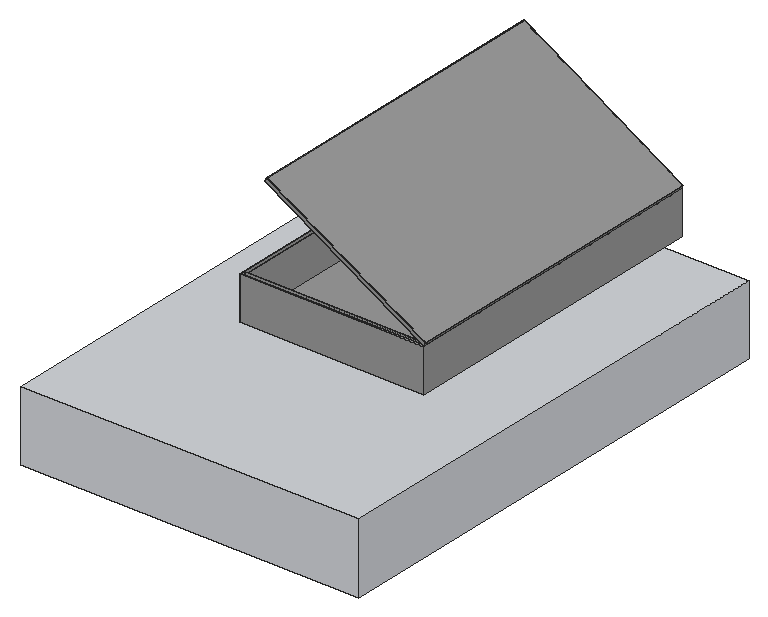
Revit family "Hager-Univers-IP54-D205-H1400-Cl.I-Encl-CH-en", category Equipement électrique, Revit 2020
Family settings
  Hôte = Face
  Configuration du panneau = Deux colonnes, circuits au sein
  Cote de connecteur circulaire = Utiliser le diamètre
  Type d'élément = Tableau de raccordement
  Couper avec des vides une fois chargée = Non
  Partagée = Non
  Point de calcul de pièce = Non
Parameters (values of type "Surface mounted (plaster) IP54 W800 H1400 D205  - FP93TW2")
  Width Control [instance] = if([EF000008 - Width] > Min Width, [EF000008 - Width], Min Width)  # 800 mm
  Commentaires du type = [HG000003 - Range]  # "Univers"
  Thickness Door [instance] = if([EF009171 - Material plate thickness door/cover] > 3 mm, 3 mm, [EF009171 - Material plate thickness door/cover])  # 1 mm
  Seal Frame Offset [instance] = 17 mm  # constant formula
  Plinth Visibility [instance] = [HG000027 - Plinth height] > 0 mm  # no
  Model = ""
  Min Width [instance] = 100 mm  # constant formula
  Min Height [instance] = 100 mm  # constant formula
  Min Depth [instance] = (2 * [EF009170 - Material plate thickness cabinet]) + 1 mm  # 3 mm
  Internal Frame Depth [instance] = (Door System Depth * 0.5)  # 9 mm
  Height Control [instance] = if([EF000040 - Height] > Min Height, [EF000040 - Height], Min Height)  # 1400 mm
  HG000027 - Plinth height = 0 mm
  HG000026 - Floor standing = no
  HG000024 - Bottom section height = 800 mm
  HG000023 - Double section enclosure = no
  HG000016 - Door 3d visibility [instance] = yes
  HG000015 - Clearance visibility [instance] = no
  HG000014 - Door on the right [instance] = yes
  HG000013 - Door on the left [instance] = not([HG000014 - Door on the right])  # no
  HG000012 - Door swing angle [instance] = 30.00°
  HG000010 - Asymmetric doors = no
  HG000009 - Double swing door = no
  HG000006 - Flush mounted = no
  HG000004 - Manufacturer reference = "FP93TW2"
  HG000003 - Range = "Univers"
  HG000002 - With door or cover = yes
  Frame Offset Bottom [instance] = 10 mm  # constant formula
  Frame Offset [instance] = 15 mm  # constant formula
  EF015940 - Cover with overpressure release = no
  EF011959 - Degree of protection (NEMA) = ""
  EF009554 - Number of openings for flange plates = 6
  EF009212 - Cover model = "EV000116 - Closed"
  EF009171 - Material plate thickness door/cover = 1 mm
  EF009170 - Material plate thickness cabinet = 1 mm
  Fabricant = "Hager"  # constant formula
  EF008873 - Nominal current (In) = 250 A
  EF007800 - Suitable for lightning protection = no
  EF006306 - With lock = no
  EF006244 - Transparent cover/door = no
  EF005474 - Degree of protection (IP) = "EV006419 - IP54"
  EF004464 - Type of door = "EV002646 - Single"
  EF004427 - Number of modules = 324
  EF004293 - Impact strength = "EV006815 - IK09"
  EF003532 - Suitable for outdoor use = no
  EF002950 - Width in number of modular spacings = 36
  EF001613 - Circuit integrity = "EV000494 - None"
  EF001596 - Material housing = "EV000179 - Steel"
  EF001131 - Internal depth = 130 mm
  EF001088 - Extension possible = yes
  EF000437 - Number of conduit inlets = 6
  EF000339 - Type of cover = "EV001012 - Cover"
  EF000266 - Number of rows = 9
  EF000218 - Built-in depth = 205 mm
  EF000118 - With mounting plate = no
  EF000116 - RAL-number = "9010"
  EF000049 - Depth = 205 mm
  EF000040 - Height = 1400 mm
  EF000008 - Width = 800 mm
  EF000007 - Colour = "EV000202 - White"
  EF000003 - Mounting method = "EV000384 - Surface mounted (plaster)"
  Door System Leaf Tolerance [instance] = 1.5 mm  # constant formula
  Door System Depth [instance] = 18 mm  # constant formula
  Door Height [instance] = Height Control - [HG000027 - Plinth height]  # 1400 mm
  Depth Control [instance] = if([EF000049 - Depth] > Min Depth, [EF000049 - Depth], Min Depth)  # 205 mm
  Default Elevation = 0 mm
  Connector Offset [instance] = Height Control / 2  # 700 mm
  Bottom Top Plate Trim [instance] = 1.5 mm  # constant formula
  Plinth height Ctrl [instance] = if([HG000027 - Plinth height] > 0 mm, [HG000027 - Plinth height], 12 mm)  # 12 mm
Types (5, lengths in mm): name | Width Control | HG000009 - Double swing door | HG000004 - Manufacturer reference | EF009554 - Number of openings for flange plates | EF004464 - Type of door | EF004427 - Number of modules | EF002950 - Width in number of modular spacings | EF000437 - Number of conduit inlets | EF000008 - Width
  Surface mounted (plaster) IP54 W1050 H1400 D205  - FP94TW2 | 1050 | no | "FP94TW2" | 8 | "EV003602 - Double" | 432 | 48 | 8 | 1050
  Surface mounted (plaster) IP54 W1300 H1400 D205  - FP95TW2 | 1300 | yes | "FP95TW2" | 10 | "EV003602 - Double" | 540 | 60 | 10 | 1300
  Surface mounted (plaster) IP54 W300 H1400 D205  - FP91TW2 | 300 | no | "FP91TW2" | 2 | "EV002646 - Single" | 108 | 12 | 2 | 300
  Surface mounted (plaster) IP54 W550 H1400 D205  - FP92TW2 | 550 | no | "FP92TW2" | 4 | "EV002646 - Single" | 216 | 24 | 4 | 550
  Surface mounted (plaster) IP54 W800 H1400 D205  - FP93TW2 | 800 | no | "FP93TW2" | 6 | "EV002646 - Single" | 324 | 36 | 6 | 800
Reference planes
  plane 1 "Center (Front/Back)": y = 0
  plane 2: z = 0
  plane 3 "Center (Left/Right)": x = 0
  plane 4: z = 205
  plane 5: y = 1
  plane 6: y = 700
  plane 7: y = 0
  plane 8: y = 1400
  plane 9: z = 0
  plane 10: x = -385
  plane 11: x = 385
  plane 12: x = 384
  plane 13: x = -384
  plane 14: y = 1399
  plane 15: x = -383
  plane 16: x = -400
  plane 17: x = 383
  plane 18: x = 400
  plane 19: x = 399
  plane 20: x = -399
  plane 21: y = 11
  plane 22: y = 1400
  plane 23: y = 1384
  plane 24: z = 187
  plane 25: z = 1
  plane 26: z = 186
  plane 27: z = 204
Forms (mm)
  Extrusion 1, solid
    sketch origin (0, 0, 0) x (1, 0, 0) y (0, 1, 0)
      loop
        line (-702.964, 1305) -> (-702.964, -811.445) -> (766.763, -811.445) -> (766.763, 1305) -> (-702.964, 1305)
    from 0 to -304.8
  Extrusion 2, solid, material "Hager_Steel_RAL7035_Light_Grey", visible <- "Plinth Visibility", detail levels medium+fine
    sketch origin (0, 0, 0) x (1, 0, 0) y (0, 1, 0)
      loop
        line (-400, 0) -> (400, 0) -> (400, 12) -> (-400, 12) -> (-400, 0)
    from 0 to 187
  Extrusion 3, solid, material "Hager_Steel_RAL7035_Light_Grey", detail levels medium+fine
    sketch origin (0, 0, 0) x (1, 0, 0) y (0, 1, 0)
      loop
        line (-400, 0) -> (400, 0) -> (400, 1400) -> (-400, 1400) -> (-400, 0)
    from 0 to 187
  Extrusion 4, void
    sketch origin (0, 0, 0) x (1, 0, 0) y (0, 1, 0)
      loop
        line (-399, 1) -> (399, 1) -> (399, 1399) -> (-399, 1399) -> (-399, 1)
    from 1 to 186
  Extrusion 5, void
    sketch origin (-381.607, -4572, 187) x (0, -1, 0) y (-1, 0, 0)
      loop
        line (-4583, 2.393) -> (-5956, 2.393) -> (-5956, -765.607) -> (-4583, -765.607) -> (-4583, 2.393)
    from 0 to 1 <- "EF009170 - Material plate thickness cabinet"
  Extrusion 6, solid, material "Hager_Steel_RAL7035_Light_Grey", detail levels fine
    sketch origin (0, 0, 187) x (1, 0, 0) y (0, 1, 0)
      loop
        line (-384, 1384) -> (-384, 11) -> (384, 11) -> (384, 1384) -> (-384, 1384)
      loop
        line (-385, 10) -> (385, 10) -> (385, 1385) -> (-385, 1385) -> (-385, 10)
    from 0 to 9 <- "Internal Frame Depth"
  Extrusion 7, solid, material "Hager_Steel_RAL7035_Light_Grey", detail levels coarse
    sketch origin (0, 0, 0) x (1, 0, 0) y (0, 1, 0)
      loop
        line (-400, 0) -> (400, 0) -> (400, 1400) -> (-400, 1400) -> (-400, 0)
    from 0 to 205
  Sweep 8, void
    path in 3D
      loop
        line (-400, 12, 0) -> (400, 12, 0) -> (400, 12, 187) -> (-400, 12, 187) -> (-400, 12, 0)
    profile origin (-400, 12, 93.5) x (-1, 0, 0) y (0, -1, 0)
      loop
        line (0, 0) -> (0, 1.5) -> (-1.5, 1.5)
        arc (-1.5, 1.5) -> (-1.061, 0.439) -> (0, 0) r 1.5
Cuts and joins
  Extrusion 4, Extrusion 5 cuts Extrusion 3
  Sweep 8 cuts Extrusion 2
Lines and regions (mm)
  Masking region 1
    outline origin (0, 0, 0) x (1, 0, 0) y (0, 0, 1)
      loop
        line (-400, 205) -> (-400, 0) -> (400, 0) -> (400, 205) -> (-400, 205)
  Masking region 2, detail levels medium+fine
    outline origin (0, 140, 0) x (0, 1, 0) y (0, 0, 1)
      loop
        line (-140, 0) -> (1260, 0) -> (1260, 187) -> (-140, 187) -> (-140, 0)
  Masking region 3, not visible, detail levels medium+fine
    outline origin (0, 297.922, 0) x (0, 1, 0) y (0, 0, 1)
      loop
        line (413.578, 0) -> (453.578, 0) -> (453.578, 194)
        arc (453.578, 194) -> (450.649, 201.071) -> (443.578, 204) r 10
        line (443.578, 204) -> (413.578, 204) -> (413.578, 0)
  Masking region 4, detail levels coarse
    outline origin (0, 0, 180) x (0, 1, 0) y (0, 0, 1)
      loop
        line (0, -180) -> (1400, -180) -> (1400, 25) -> (0, 25) -> (0, -180)
  Masking region 5, visible <- "Plinth Visibility", detail levels medium+fine
    outline origin (0, 52.24, 12.345) x (0, 0, -1) y (0, 1, 0)
      loop
        line (10.845, -40.24) -> (-173.155, -40.24)
        arc (-173.155, -40.24) -> (-173.594, -41.301) -> (-174.655, -41.74) r 1.5
        line (-174.655, -41.74) -> (-174.655, -52.24) -> (12.345, -52.24) -> (12.345, -41.74)
        arc (12.345, -41.74) -> (11.285, -41.301) -> (10.845, -40.24) r 1.5
  Masking region 6, detail levels medium+fine
    outline origin (-381.607, -4572, 187) x (-1, 0, 0) y (0, -1, 0)
      loop
        line (18.393, -5972) -> (18.393, -4572) -> (-781.607, -4572) -> (-781.607, -5972) -> (18.393, -5972)
  Masking region 7, visible <- "Plinth Visibility", detail levels medium+fine
    outline origin (-381.607, -4727, 187) x (-1, 0, 0) y (0, -1, 0)
      loop
        arc (16.893, -4739) -> (17.332, -4737.939) -> (18.393, -4737.5) r 1.5
        line (18.393, -4737.5) -> (18.393, -4727) -> (-781.607, -4727) -> (-781.607, -4737.5)
        arc (-781.607, -4737.5) -> (-780.546, -4737.939) -> (-780.107, -4739) r 1.5
        line (-780.107, -4739) -> (16.893, -4739)
  Masking region 8, detail levels coarse
    outline origin (-442.548, -4669.526, 187) x (-1, 0, 0) y (0, -1, 0)
      loop
        line (-42.548, -6069.526) -> (-42.548, -4669.526) -> (-842.548, -4669.526) -> (-842.548, -6069.526) -> (-42.548, -6069.526)
  sketch lines
    curve 1: line (-400, 12, 187) -> (-400, 12, 0)
    curve 2: line (400, 12, 187) -> (-400, 12, 187)
    curve 3: line (400, 12, 187) -> (400, 12, 0)
    curve 4: line (-400, 12, 0) -> (400, 12, 0)
Dimensions and locks
  "Depth Control": plane 4 to Extrusion 1
  "HG000027 - Plinth height": plane 1 "Center (Front/Back)" to plane 7
  "EF009170 - Material plate thickness cabinet": plane 5 to plane 7
  locked: connector elem to plane 3 "Center (Left/Right)"
  equal spacing: plane 8, plane 6, plane 7
  locked: connector elem to plane 6
  "EF009170 - Material plate thickness cabinet": plane 8 to plane 14
  "EF009170 - Material plate thickness cabinet": plane 10 to plane 13
  "EF009170 - Material plate thickness cabinet": plane 12 to plane 11
  "Frame Offset": plane 20 to plane 13
  "Frame Offset": plane 12 to plane 19
  "EF009170 - Material plate thickness cabinet": plane 16 to plane 20
  "EF009170 - Material plate thickness cabinet": plane 19 to plane 18
  "Seal Frame Offset": plane 16 to plane 15
  "Seal Frame Offset": plane 17 to plane 18
  "Frame Offset Bottom": plane 21 to plane 5
  "Frame Offset": plane 14 to plane 23
  equal spacing: plane 16, plane 3 "Center (Left/Right)", plane 18
  "Width Control": plane 16 to plane 18
  "EF009170 - Material plate thickness cabinet": plane 4 to plane 27
  "EF009170 - Material plate thickness cabinet": plane 24 to plane 26
  "EF009170 - Material plate thickness cabinet": plane 25 to level
  "Door System Depth": plane 4 to plane 24
  "Height Control": plane 1 "Center (Front/Back)" to Extrusion 7 sketch curve
  "Height Control": Masking region 4 sketch curve to plane 1 "Center (Front/Back)"
  "Height Control": plane 1 "Center (Front/Back)" to plane 22
  "Bottom Top Plate Trim": profile plane to Sweep 8 sketch curve
  "Bottom Top Plate Trim": Sweep 8 sketch curve to profile plane
  "Plinth height Ctrl": plane 1 "Center (Front/Back)" to Extrusion 2 sketch curve
  "Plinth height Ctrl": Masking region 5 sketch curve to plane 1 "Center (Front/Back)"
  "Plinth height Ctrl": plane 1 "Center (Front/Back)" to Masking region 7 sketch curve
  "Thickness Door": Extrusion 6 sketch curve to Extrusion 6 sketch curve  (x3)
  "Thickness Door": cut or joined group of Extrusion 3, Extrusion 4, Extrusion 5 to Extrusion 6 sketch curve
  radius of Masking region 3 sketch curve = 10 mm
  "Bottom Top Plate Trim": radius of Masking region 5 sketch curve  (x2)
  "Bottom Top Plate Trim": radius of Sweep 8 sketch curve
  "Bottom Top Plate Trim": radius of Masking region 7 sketch curve  (x2)
  aligned and locked: plane 2 to Extrusion 1
  aligned and locked: level to Extrusion 1
  aligned and locked: level to Masking region 1 sketch curve
  aligned and locked: Masking region 1 sketch curve to plane 18
  aligned and locked: Masking region 1 sketch curve to plane 16
  aligned and locked: plane 7 to Masking region 2 sketch curve
  aligned and locked: level to Masking region 3 sketch curve
  aligned and locked: Masking region 3 sketch curve to plane 27
  aligned and locked: level to Masking region 2 sketch curve
  aligned and locked: plane 1 "Center (Front/Back)" to Extrusion 2 sketch curve
  aligned and locked: Extrusion 3 sketch curve to plane 7
  aligned and locked: plane 16 to Extrusion 3 sketch curve
  aligned and locked: plane 18 to Extrusion 3 sketch curve
  aligned and locked: plane 20 to Extrusion 4 sketch curve
  aligned and locked: plane 19 to Extrusion 4 sketch curve
  aligned and locked: Extrusion 4 sketch curve to plane 5
  aligned and locked: Extrusion 4 to plane 25
  aligned and locked: plane 26 to Extrusion 4
  aligned and locked: plane 24 to Extrusion 3
  aligned and locked: Extrusion 5 sketch curve to plane 21
  aligned and locked: Extrusion 5 sketch curve to plane 13
  aligned and locked: Extrusion 5 sketch curve to plane 12
  aligned and locked: plane 18 to Extrusion 7 sketch curve
  aligned and locked: plane 1 "Center (Front/Back)" to Extrusion 7 sketch curve
  aligned and locked: plane 16 to Extrusion 7 sketch curve
  aligned and locked: plane 4 to Extrusion 7
  aligned and locked: Extrusion 7 to level
  aligned and locked: level to Masking region 4 sketch curve
  aligned and locked: Masking region 4 sketch curve to plane 1 "Center (Front/Back)"
  aligned and locked: Masking region 4 sketch curve to plane 4
  aligned and locked: nested 1 to level
  aligned and locked: nested 1 to plane 16
  aligned and locked: plane 8 to Extrusion 3 sketch curve
  aligned and locked: plane 23 to Extrusion 5 sketch curve
  aligned and locked: plane 14 to Extrusion 4 sketch curve
  aligned and locked: Masking region 2 sketch curve to plane 8
  aligned and locked: level to Masking region 5 sketch curve
  aligned and locked: plane 16 to Extrusion 2 sketch curve
  aligned and locked: plane 18 to Extrusion 2 sketch curve
  aligned and locked: Masking region 5 sketch curve to plane 24
  aligned and locked: Masking region 2 sketch curve to plane 24
  aligned and locked: plane 24 to Extrusion 2
  aligned and locked: profile plane to Sweep 8 sketch curve  (x2)
  aligned and locked: Masking region 6 sketch curve to plane 18
  aligned and locked: Masking region 6 sketch curve to plane 22
  aligned and locked: Masking region 6 sketch curve to plane 16
  aligned and locked: plane 8 to plane 22
  aligned and locked: Masking region 6 sketch curve to plane 7
  aligned and locked: Masking region 7 sketch curve to plane 16
  aligned and locked: Masking region 7 sketch curve to plane 1 "Center (Front/Back)"
  aligned and locked: Masking region 7 sketch curve to plane 18
  aligned and locked: Masking region 8 sketch curve to plane 1 "Center (Front/Back)"
  aligned and locked: Masking region 8 sketch curve to plane 18
  aligned and locked: Masking region 8 sketch curve to plane 22
  aligned and locked: Masking region 8 sketch curve to plane 16
  aligned and locked: nested 2 to plane 7
  aligned and locked: plane 3 "Center (Left/Right)" to nested 2
  aligned and locked: nested 2 to plane 24
  aligned and locked: Extrusion 6 sketch curve to cut or joined group of Extrusion 3, Extrusion 4, Extrusion 5  (x4)
Automatic sketch dimensions
  Extrusion 1 sketch curve to Extrusion 1 sketch curve = 1469.727 mm
  Extrusion 1 sketch curve to Extrusion 1 sketch curve = 2116.445 mm
  Masking region 1 sketch curve to plane 4 = 0 mm
  plane 6 to Masking region 3 sketch curve = 11.5 mm
  Masking region 3 sketch curve to Masking region 3 sketch curve = 30 mm
  Masking region 5 sketch curve to plane 1 "Center (Front/Back)" = 0 mm
Nested families
  nested 1: "Hager_Enclosure_Symbol" at (-400, 0, 0) x (1, 0, 0) z (0, -1, 0), Height <- "Depth Control", Width <- "Width Control", type "Hager_Enclosure_Symbol"
    with Width_Ctrl 800 mm, Width 800 mm, Height_Ctrl 205 mm, Height 205 mm, A_Width_Int 13.453 mm, A_Width 161.438 mm, A_Height_Ctrl 179.375 mm, A_Height 179.375 mm
  nested 2: "EC000058_Univers_Door" at (0, 0, 187) x (1, 0, 0) z (0, 1, 0), Leaf_Tolerance <- "Door System Leaf Tolerance", Angle <- "HG000012 - Door swing angle", Door_Depth <- "Door System Depth", Door_Left <- "HG000013 - Door on the left", Transparent <- "EF006244 - Transparent cover/door", Assymetrical <- "HG000010 - Asymmetric doors", Width <- "Width Control", Clearance <- "HG000015 - Clearance visibility", Double <- "HG000009 - Double swing door", 3d_Door <- "HG000016 - Door 3d visibility", Lock_Visibility <- "EF006306 - With lock", Width_Ctrl <- "Width Control", Door_Right <- "HG000014 - Door on the right", Door <- "HG000002 - With door or cover", Height <- "Door Height", Thickness <- "Thickness Door", type "EC000058_Univers_Door", detail levels medium+fine
    with min_wh 3 mm, Width_Ctrl 800 mm, Width 800 mm, Transparent no, Thickness 1 mm, Seal_Material Hager_Rubber, Lock_Visibility no, Lock_Material Hager_Plastic_RAL9005_Jet_Black, Leaf_Width 800 mm, Leaf_Tolerance_External_Sides 0 mm, Leaf_Tolerance 1.5 mm, Leaf_Offset 0 mm, Leaf_Height 1397 mm, Leaf_2_Width 800 mm, Leaf_2_Offset 400 mm, Leaf_1_Width 800 mm, Leaf_1_Offset 400 mm, Height_Ctrl 1400 mm, Height 1400 mm, Glass_Material Hager_Glass, Double_Clearance_Ctrl no, Double no, Door_Right_Ctrl yes, Door_Right yes, Door_Material Hager_Steel_RAL7035_Light_Grey, Door_Left_Ctrl no, Door_Left no, Door_Depth 18 mm, Door yes, Clearance_Material Hager_Clearance, Clearance_Depth 800 mm, Clearance_Ctrl no, Clearance no, Assymetrical no, Angle 30.00°, 3d_Door yes
Connectors
  electrical at (0, 700, 0)
    settings: on plane 9, index 1, voltage 0 V, apparent load 0 VA, apparent load phase1 0 VA, apparent load phase2 0 VA, apparent load phase3 0 VA, power factor 1, load classification "Other", number of poles 1, system type 30, power factor state 1, is connector primary yes, connector utility no, sub classification motor no, connector description ""
Definition of nested family "EC000058_Univers_Door"
  Parameters (values of type "EC000058_Univers_Door")
    min_wh [instance] = (2 * Thickness) + 1 mm  # 11 mm
    Width_Ctrl [instance] = 400 mm
    Width [instance] = 500 mm
    Transparent [instance] = yes
    Thickness [instance] = 5 mm
    Seal_Material [instance] = none
    Lock_Visibility [instance] = yes
    Lock_Material [instance] = none
    Leaf_Width [instance] = if((Width_Ctrl - 2 * Leaf_Tolerance_External_Sides) > 0 mm, (Width_Ctrl - 2 * Leaf_Tolerance_External_Sides), min_wh)  # 400 mm
    Leaf_Tolerance_External_Sides [instance] = 0 mm  # constant formula
    Leaf_Tolerance [instance] = 1.5 mm
    Leaf_Offset [instance] = 0 mm  # constant formula
    Leaf_Height [instance] = if((Height_Ctrl - 2 * Leaf_Tolerance) > 0 mm, (Height_Ctrl - 2 * Leaf_Tolerance), min_wh)  # 497 mm
    Leaf_2_Width [instance] = if(and(and(Double, Assymetrical), Door_Left), (Leaf_Width / 3) - (Leaf_Tolerance / 2), if(and(and(Double, Assymetrical), Door_Right), (Leaf_Width / 3) * 2 - (Leaf_Tolerance / 2), if(and(Double, not(Assymetrical)), (Leaf_Width / 2) - Leaf_Tolerance, Leaf_Width)))  # 400 mm
    Leaf_2_Offset [instance] = if(and(Double, Assymetrical), Leaf_2_Width / 2, if(and(Double, not(Assymetrical)), Leaf_Width / 4, Leaf_Width / 2))  # 200 mm
    Leaf_1_Width [instance] = if(and(and(Double, Assymetrical), Door_Right), (Leaf_Width / 3) - (Leaf_Tolerance / 2), if(and(and(Double, Assymetrical), Door_Left), (Width / 3) * 2 - (Leaf_Tolerance / 2), if(and(Double, not(Assymetrical)), (Leaf_Width / 2) - Leaf_Tolerance, Leaf_Width)))  # 400 mm
    Leaf_1_Offset [instance] = if(and(Double, Assymetrical), Leaf_1_Width / 2, if(and(Double, not(Assymetrical)), Leaf_Width / 4, Leaf_Width / 2))  # 200 mm
    Height_Ctrl [instance] = if(Height > min_wh, Height, min_wh)  # 500 mm
    Height [instance] = 500 mm
    Glass_Material [instance] = none
    Double_Clearance_Ctrl [instance] = and(Double, Clearance)  # no
    Double [instance] = no
    Door_Right_Ctrl [instance] = and(or(Door_Right, Double), Door)  # yes
    Door_Right [instance] = yes
    Door_Material [instance] = none
    Door_Left_Ctrl [instance] = and(or(Door_Left, Double), Door)  # no
    Door_Left [instance] = no
    Door_Depth [instance] = 30 mm
    Door [instance] = yes
    Default Elevation = 1219.2 mm
    Clearance_Material [instance] = none
    Clearance_Depth [instance] = if(Leaf_1_Width > Leaf_2_Width, Leaf_1_Width, Leaf_2_Width)  # 400 mm
    Clearance_Ctrl [instance] = and(not(Double), Clearance)  # yes
    Clearance [instance] = yes
    Assymetrical [instance] = yes
    Angle [instance] = 30.00°
    3d_Door [instance] = yes
  Reference planes
    plane 1 "Center (Front/Back)": y = 0
    plane 2 "Bottom": z = 0
    plane 3 "Center (Left/Right)": x = 0
    plane 4: z = 500
    plane 5: x = -200
    plane 6: x = 200
    plane 7: z = 500
    plane 8: x = -200
    plane 9: z = 0
    plane 10: x = 200
    plane 11: y = 0
    plane 12: z = 1.5
    plane 13: x = -600
    plane 14: y = -400
    plane 15: x = 600
    plane 16: x = 0
    plane 17: x = 0
    plane 18: x = -200
    plane 19: x = 200
    plane 20: z = 498.5
  Forms (mm)
    Extrusion 1, solid, material <- "Clearance_Material", visible <- "Double_Clearance_Ctrl"
      sketch origin (1200, 0, 0) x (1, 0, 0) y (0, 0, -1)
        loop
          line (-1800, -498.5) -> (-600, -498.5) -> (-600, 0) -> (-1800, 0) -> (-1800, -498.5)
      from 0 to -400
  Dimensions and locks
    equal spacing: plane 5, plane 3 "Center (Left/Right)", plane 6
    "Width_Ctrl": plane 5 to plane 6
    "Leaf_Offset": plane 5 to plane 8
    "Leaf_Offset": plane 6 to plane 10
    "Leaf_Offset": plane 9 to level
    "Leaf_Offset": plane 4 to plane 7
    "Height_Ctrl": plane 4 to level
    "Leaf_Tolerance": plane 12 to plane 9
    locked: plane 11 to plane 1 "Center (Front/Back)"
    "Leaf_1_Offset": plane 18 to plane 16
    "Leaf_2_Offset": plane 17 to plane 19
    "Leaf_1_Width": plane 13 to plane 8
    "Leaf_2_Width": plane 10 to plane 15
    "Clearance_Depth": plane 14 to plane 1 "Center (Front/Back)"
    "Leaf_Tolerance_External_Sides": plane 8 to plane 18
    "Leaf_Tolerance_External_Sides": plane 19 to plane 10
    "Leaf_Tolerance": plane 7 to plane 20
    aligned and locked: level to plane 2 "Bottom"
    aligned and locked: nested 1 to plane 16
    aligned and locked: nested 2 to plane 17
    aligned and locked: Extrusion 1 to plane 13
    aligned and locked: plane 15 to Extrusion 1
    aligned and locked: Extrusion 1 to plane 14
    aligned and locked: plane 12 to nested 1
    aligned and locked: nested 2 to plane 12
    aligned and locked: Extrusion 1 to plane 11
    aligned and locked: plane 20 to Extrusion 1
    aligned and locked: nested 2 to plane 11
    aligned and locked: nested 1 to plane 11
  Automatic sketch dimensions
    Extrusion 1 sketch curve to level = 0 mm
    plane 5 to Extrusion 1 sketch curve = 400 mm
    plane 6 to Extrusion 1 sketch curve = 400 mm
    Extrusion 1 sketch curve to plane 4 = 1.5 mm
  Nested families
    nested 1: "EC000058_Univers_Door_Leaf" at (0, 0, 1.5), Width <- "Leaf_1_Width", visible <- "Door_Left_Ctrl", Leaf_Height <- "Leaf_Height", Angle <- "Angle", 3d_Door <- "3d_Door", Transparent <- "Transparent", Clearance Material <- "Clearance_Material", Clearance <- "Clearance_Ctrl", Door_Material <- "Door_Material", Glass_Material <- "Glass_Material", Door_Depth <- "Door_Depth", Lock_Material <- "Lock_Material", Seal_Material <- "Seal_Material", Lock_Visibility <- "Lock_Visibility", Thickness <- "Thickness", type "EC000058_Univers_Door_Leaf"
      with Width 400 mm, Transparent_Glass_Offset 30 mm, Transparent_Ctrl yes, Transparent yes, Thickness 5 mm, Standard no, Seal_Material none, Seal_D2 8 mm, Seal_D1 1 mm, Offset_Internal_Frame 10 mm, Lock_Width 20 mm, Lock_Visibility_3d yes, Lock_Visibility yes, Lock_Thickness_3 3 mm, Lock_Thickness_2 1 mm, Lock_Thickness_1 3 mm, Lock_Radius_Offset_2 16 mm, Lock_Radius_Offset_1 15 mm, Lock_Radius_2 5 mm, Lock_Radius 6 mm, Lock_Offset 5 mm, Lock_Material none, Lock_Height 80 mm, Lock_Cover_Top_Offset_2d 17 mm, Lock_Cover_Height -65 mm, Leaf_Height 497 mm, Internal_Seal_Thickness 8 mm, Internal_Seal_Depth_2 4.5 mm, Internal_Frame_Depth 25 mm, Glass_Thickness -1 mm, Glass_Offset -2 mm, Glass_Material none, Door_Material none, Door_Depth 30 mm, Clearance Material none, Clearance yes, Angle_Ctrl 30.00°, Angle 30.00°, 3d_Door yes
    nested 2: "EC000058_Univers_Door_Leaf" at (0, 0, 1.5) x (-1, 0, 0) z (0, 0, 1), Width <- "Leaf_2_Width", visible <- "Door_Right_Ctrl", Leaf_Height <- "Leaf_Height", Angle <- "Angle", 3d_Door <- "3d_Door", Transparent <- "Transparent", Clearance Material <- "Clearance_Material", Clearance <- "Clearance_Ctrl", Door_Material <- "Door_Material", Glass_Material <- "Glass_Material", Door_Depth <- "Door_Depth", Lock_Material <- "Lock_Material", Seal_Material <- "Seal_Material", Lock_Visibility <- "Lock_Visibility", Thickness <- "Thickness", type "EC000058_Univers_Door_Leaf"
      with Width 400 mm, Transparent_Glass_Offset 30 mm, Transparent_Ctrl yes, Transparent yes, Thickness 5 mm, Standard no, Seal_Material none, Seal_D2 8 mm, Seal_D1 1 mm, Offset_Internal_Frame 10 mm, Lock_Width 20 mm, Lock_Visibility_3d yes, Lock_Visibility yes, Lock_Thickness_3 3 mm, Lock_Thickness_2 1 mm, Lock_Thickness_1 3 mm, Lock_Radius_Offset_2 16 mm, Lock_Radius_Offset_1 15 mm, Lock_Radius_2 5 mm, Lock_Radius 6 mm, Lock_Offset 5 mm, Lock_Material none, Lock_Height 80 mm, Lock_Cover_Top_Offset_2d 17 mm, Lock_Cover_Height -65 mm, Leaf_Height 497 mm, Internal_Seal_Thickness 8 mm, Internal_Seal_Depth_2 4.5 mm, Internal_Frame_Depth 25 mm, Glass_Thickness -1 mm, Glass_Offset -2 mm, Glass_Material none, Door_Material none, Door_Depth 30 mm, Clearance Material none, Clearance yes, Angle_Ctrl 30.00°, Angle 30.00°, 3d_Door yes
  Definition of nested family "EC000058_Univers_Door_Leaf"
    Parameters (values of type "EC000058_Univers_Door_Leaf")
      Width [instance] = 2000 mm
      Transparent_Glass_Offset [instance] = 30 mm
      Transparent_Ctrl [instance] = and(Transparent, [3d_Door])  # yes
      Transparent [instance] = yes
      Thickness [instance] = 5 mm
      Standard [instance] = and(not(Transparent), [3d_Door])  # no
      Seal_Material [instance] = none
      Seal_D2 [instance] = 8 mm  # constant formula
      Seal_D1 [instance] = 1 mm  # constant formula
      Offset_Internal_Frame [instance] = 10 mm  # constant formula
      Lock_Width [instance] = 20 mm  # constant formula
      Lock_Visibility_3d [instance] = and(Lock_Visibility, [3d_Door])  # yes
      Lock_Visibility [instance] = yes
      Lock_Thickness_3 [instance] = 3 mm  # constant formula
      Lock_Thickness_2 [instance] = 1 mm  # constant formula
      Lock_Thickness_1 [instance] = 3 mm  # constant formula
      Lock_Radius_Offset_2 [instance] = Lock_Radius_Offset_1 + 1 mm  # 16 mm
      Lock_Radius_Offset_1 [instance] = 15 mm  # constant formula
      Lock_Radius_2 [instance] = Lock_Radius - 1 mm  # 5 mm
      Lock_Radius [instance] = 6 mm  # constant formula
      Lock_Offset [instance] = 5 mm  # constant formula
      Lock_Material [instance] = none
      Lock_Height [instance] = 80 mm  # constant formula
      Lock_Cover_Top_Offset_2d [instance] = Lock_Radius_Offset_2 + 1 mm  # 17 mm
      Lock_Cover_Height [instance] = -(Lock_Height - Lock_Radius_Offset_1)  # -65 mm
      Leaf_Height [instance] = 2720.336 mm
      Internal_Seal_Thickness [instance] = 8 mm  # constant formula
      Internal_Seal_Depth_2 [instance] = 4.5 mm  # constant formula
      Internal_Frame_Depth [instance] = if(Door_Depth - Thickness > 5 mm, Door_Depth - Thickness, 5 mm)  # 25 mm
      Glass_Thickness [instance] = if(Thickness > 15 mm, Glass_Offset + 10 mm, -1 mm)  # -1 mm
      Glass_Offset [instance] = if(Thickness > 15 mm, -(Thickness + 10 mm) / 2, -2 mm)  # -2 mm
      Glass_Material [instance] = none
      Door_Material [instance] = none
      Door_Depth [instance] = 30 mm
      Default Elevation = 0 mm
      Clearance Material [instance] = none
      Clearance [instance] = yes
      Angle_Ctrl [instance] = if(Angle > 180.00°, 180.00°, Angle)  # 90.00°
      Angle [instance] = 90.00°
      3d_Door [instance] = yes
    Reference planes
      plane 1 "Center (Front/Back)": y = 0
      plane 2: z = 0
      plane 3 "Center (Left/Right)": x = 0
      plane 4: y = 2000
      plane 5: x = -1000
      plane 6: x = 1000
      plane 7: x = -3000
      plane 8: z = 2720.336
      plane 9: z = 30
      plane 10: z = 2690.336
      plane 11: x = 970
      plane 12: x = -970
      plane 13: y = -3
      plane 14: z = 107.833
      plane 15: y = -5
      plane 16: y = -223.314
      plane 17: x = -1000
      plane 18: z = 1360.168
      plane 19: y = 30
    Forms (mm)
      Extrusion 1, solid, material <- "Clearance Material", visible <- "Clearance"
        sketch origin (0, 0, 0) x (1, 0, 0) y (0, 0, 1)
          loop
            line (-3000, 2720.336) -> (-3000, 0) -> (1000, 0) -> (1000, 2720.336) -> (-3000, 2720.336)
        from 0 to -2000
      Extrusion 2, solid, material <- "Door_Material", visible <- "Standard", detail levels medium+fine
        sketch origin (-1000, 0, 0) x (0, 1, 0) y (-1, 0, 0)
          loop
            line (0, 30) -> (0, 25) -> (2000, 25) -> (2000, 30) -> (0, 30)
        from 0 to 2720.336 <- "Leaf_Height"
      Extrusion 3, solid, material <- "Door_Material", visible <- "Transparent_Ctrl", detail levels medium+fine
        sketch origin (-1000, 0, 0) x (0, 1, 0) y (-1, 0, 0)
          loop
            line (0, 25) -> (2000, 25) -> (2000, 30) -> (0, 30) -> (0, 25)
        from 0 to 2720.336 <- "Leaf_Height"
      Extrusion 4, void
        sketch origin (-1025, 2000, 0) x (0, 1, 0) y (0, 0, -1)
          loop
            line (-30, -2690.336) -> (-30, -30) -> (-1970, -30) -> (-1970, -2690.336) -> (-30, -2690.336)
        from 0 to 5 <- "Thickness"
      Sweep 5, solid, material <- "Seal_Material", visible <- "Transparent_Ctrl", detail levels fine
        path in 3D
          loop
            line (-1025, 30, 30) -> (-1025, 30, 2690.336) -> (-1025, 1970, 2690.336) -> (-1025, 1970, 30) -> (-1025, 30, 30)
        profile origin (-1025, 1000, 30) x (1, 0, 0) y (0, 0, 1)
          loop
            line (0, 0) -> (0, -8) -> (1, -8) -> (1, 0) -> (0, 0)
      Extrusion 6, solid, material <- "Glass_Material", visible <- "Transparent_Ctrl", detail levels medium+fine
        sketch origin (-1030, 0, 0) x (0, 1, 0) y (0, 0, -1)
          loop
            line (1970, -2690.336) -> (1970, -30) -> (30, -30) -> (30, -2690.336) -> (1970, -2690.336)
        from -2 <- "Glass_Offset" to -1 <- "Glass_Thickness"
      Extrusion 7, solid, material <- "Door_Material", visible <- "3d_Door", detail levels medium+fine
        sketch origin (-1025, 2000, 0) x (0, -1, 0) y (0, 0, -1)
          loop
            line (0, -2720.336) -> (2000, -2720.336) -> (2000, 0) -> (0, 0) -> (0, -2720.336)
          loop
            line (1995, -5) -> (5, -5) -> (5, -2715.336) -> (1995, -2715.336) -> (1995, -5)
        from 0 to 25 <- "Internal_Frame_Depth"
      Sweep 8, solid, material <- "Seal_Material", visible <- "Transparent_Ctrl", detail levels fine
        path in 3D
          loop
            line (-1025, 0, 0) -> (-1025, 2000, 0) -> (-1025, 2000, 2720.336) -> (-1025, 0, 2720.336) -> (-1025, 0, 0)
        profile origin (-1025, 0, 1360.168) x (1, 0, 0) y (0, 1, 0)
          loop
            line (0, 10) -> (2.975, 10)
            arc (2.975, 10) -> (4.053, 10.447) -> (4.5, 11.525) r 1.525
            line (4.5, 11.525) -> (4.5, 16.527)
            arc (4.5, 16.527) -> (4.069, 17.569) -> (3.027, 18) r 1.473
            line (3.027, 18) -> (0, 18) -> (0, 10)
      Extrusion 9, solid, material <- "Lock_Material", visible <- "Lock_Visibility_3d", detail levels fine
        sketch origin (-1030, 0, 0) x (0, 1, 0) y (0, 0, -1)
          loop
            arc (1993.5, -1400.168) -> (1994.561, -1399.729) -> (1995, -1398.668) r 1.5
            line (1995, -1398.668) -> (1995, -1320.168) -> (1975, -1320.168) -> (1975, -1398.668)
            arc (1975, -1398.668) -> (1975.439, -1399.729) -> (1976.5, -1400.168) r 1.5
            line (1976.5, -1400.168) -> (1993.5, -1400.168)
        from 3 <- "Lock_Thickness_1" to 0
      Blend 10, solid, material <- "Lock_Material", visible <- "Lock_Visibility_3d", detail levels fine
        base sketch origin (-1033, 0, 0) x (0, 1, 0) y (0, 0, -1)
          loop
            line (1975, -1320.168) -> (1975, -1398.668)
            arc (1975, -1398.668) -> (1975.439, -1399.729) -> (1976.5, -1400.168) r 1.5
            line (1976.5, -1400.168) -> (1993.5, -1400.168)
            arc (1993.5, -1400.168) -> (1994.561, -1399.729) -> (1995, -1398.668) r 1.5
            line (1995, -1398.668) -> (1995, -1320.168) -> (1975, -1320.168)
        top sketch origin (-1033, 0, 0) x (0, 1, 0) y (0, 0, -1)
          loop
            line (1976, -1320.168) -> (1976, -1398.668)
            arc (1976, -1398.668) -> (1976.146, -1399.022) -> (1976.5, -1399.168) r 0.5
            line (1976.5, -1399.168) -> (1993.5, -1399.168)
            arc (1993.5, -1399.168) -> (1993.854, -1399.022) -> (1994, -1398.668) r 0.5
            line (1994, -1398.668) -> (1994, -1320.168) -> (1976, -1320.168)
        from 0 to 1 <- "Lock_Thickness_2"
      Blend 11, solid, material <- "Lock_Material", visible <- "Lock_Visibility_3d", detail levels fine
        base sketch origin (-1034, 0, 0) x (0, 1, 0) y (0, 0, -1)
          loop
            line (1978, -1320.168) -> (1978, -1384.168)
            arc (1978, -1384.168) -> (1985, -1391.168) -> (1992, -1384.168) r 7
            line (1992, -1384.168) -> (1992, -1320.168) -> (1978, -1320.168)
        top sketch origin (-1034, 0, 0) x (0, 1, 0) y (0, 0, -1)
          loop
            line (1991, -1320.168) -> (1979, -1320.168) -> (1979, -1383.168)
            arc (1979, -1383.168) -> (1985, -1389.168) -> (1991, -1383.168) r 6
            line (1991, -1383.168) -> (1991, -1320.168)
        from 0 to 3 <- "Lock_Thickness_3"
      Extrusion 12, solid, material <- "Lock_Material", visible <- "Lock_Visibility_3d", detail levels fine
        sketch origin (-1030, 1975, 1320.168) x (1, 0, 0) y (0, -1, 0)
          loop
            line (-7, -19) -> (-7, -1) -> (0, -1) -> (0, 0) -> (-8, 0) -> (-8, -20) -> (0, -20) -> (0, -19) -> (-7, -19)
        from 0 to -65 <- "Lock_Cover_Height"
      Extrusion 13, void
        sketch origin (-1038, 1995, 1320.168) x (-1, 0, 0) y (0, 0, -1)
          loop
            line (-5, -65) -> (0, -65) -> (-5, -60) -> (-5, -65)
        from 0 to 20 <- "Lock_Width"
      Extrusion 14, void
        sketch origin (-1038, 1975, 1320.168) x (0, -1, 0) y (0, 0, -1)
          loop
            circle (-10, -15.995) r 6
          loop
            circle (-10, -15.995) r 5
        from 0 to 2
      Extrusion 15, solid, material <- "Lock_Material", visible <- "Lock_Visibility_3d", detail levels medium
        sketch origin (-1030, 0, 0) x (0, 1, 0) y (0, 0, -1)
          loop
            arc (1993.5, -1400.168) -> (1994.561, -1399.729) -> (1995, -1398.668) r 1.5
            line (1995, -1398.668) -> (1995, -1320.168) -> (1975, -1320.168) -> (1975, -1398.668)
            arc (1975, -1398.668) -> (1975.439, -1399.729) -> (1976.5, -1400.168) r 1.5
            line (1976.5, -1400.168) -> (1993.5, -1400.168)
        from 8 to 0
    Cuts and joins
      Extrusion 4 cuts Extrusion 3
      Extrusion 13, Extrusion 14 cuts Extrusion 9
      Extrusion 14 cuts Blend 11
      Extrusion 13, Extrusion 14 cuts Extrusion 12
      joined: Extrusion 9, Blend 10, Blend 11, Extrusion 12
      Extrusion 14 cuts Extrusion 15
    Lines and regions (mm)
      Masking region 1, visible <- "Lock_Visibility", detail levels fine
        outline origin (0, 0, 0) x (0, 1, 0) y (0, 0, 1)
          loop
            line (30, 1320.168) -> (33, 1320.168) -> (33, 1400.168) -> (30, 1400.168) -> (30, 1320.168)
      Masking region 2, visible <- "Lock_Visibility", detail levels fine
        outline origin (0, 3.143, 0) x (0, 1, 0) y (0, 0, 1)
          loop
            line (29.857, 1354.168) -> (30.857, 1354.168) -> (30.857, 1366.168) -> (29.857, 1366.168) -> (29.857, 1354.168)
      Masking region 3, detail levels medium+fine
        outline origin (0, 0, 0) x (0, 1, 0) y (0, 0, 1)
          loop
            line (0, 0) -> (30, 0) -> (30, 2720.336) -> (0, 2720.336) -> (0, 0)
      Masking region 4, detail levels medium+fine
        outline origin (0, 0, 0) x (1, 0, 0) y (0, 0, 1)
          loop
            line (-1000, 2720.336) -> (-1000, 0) -> (1000, 0) -> (1000, 2720.336) -> (-1000, 2720.336)
      Masking region 5, visible <- "Lock_Visibility", detail levels fine
        outline origin (-47.116, 0, 0) x (1, 0, 0) y (0, 0, 1)
          loop
            arc (1024.616, 1399.168) -> (1023.556, 1398.729) -> (1023.116, 1397.668) r 1.5
            line (1023.116, 1397.668) -> (1023.116, 1320.168) -> (1041.116, 1320.168) -> (1041.116, 1397.668)
            arc (1041.116, 1397.668) -> (1040.677, 1398.729) -> (1039.616, 1399.168) r 1.5
            line (1039.616, 1399.168) -> (1024.616, 1399.168)
      Masking region 6, visible <- "Lock_Visibility", detail levels medium+fine
        outline origin (-25, 0, 0) x (1, 0, 0) y (0, 0, 1)
          loop
            arc (1001.5, 1400.168) -> (1000.439, 1399.729) -> (1000, 1398.668) r 1.5
            line (1000, 1398.668) -> (1000, 1320.168) -> (1020, 1320.168) -> (1020, 1398.668)
            arc (1020, 1398.668) -> (1019.561, 1399.729) -> (1018.5, 1400.168) r 1.5
            line (1018.5, 1400.168) -> (1001.5, 1400.168)
      Masking region 7, visible <- "Lock_Visibility", detail levels fine
        outline origin (-73.735, 0, 0) x (1, 0, 0) y (0, 0, 1)
          loop
            line (1051.735, 1382.168) -> (1065.735, 1382.168) -> (1065.735, 1384.168)
            arc (1065.735, 1384.168) -> (1058.735, 1391.168) -> (1051.735, 1384.168) r 7
            line (1051.735, 1384.168) -> (1051.735, 1382.168)
      Masking region 8, visible <- "Lock_Visibility", detail levels fine
        outline origin (-73.735, 0, 0) x (1, 0, 0) y (0, 0, 1)
          loop
            line (1052.735, 1382.168) -> (1064.735, 1382.168) -> (1064.735, 1383.168)
            arc (1064.735, 1383.168) -> (1058.735, 1389.168) -> (1052.735, 1383.168) r 6
            line (1052.735, 1383.168) -> (1052.735, 1382.168)
      Masking region 9, visible <- "Lock_Visibility", detail levels fine
        outline origin (-25, 0, 0) x (1, 0, 0) y (0, 0, 1)
          loop
            line (1020, 1320.168) -> (1020, 1382.168) -> (1000, 1382.168) -> (1000, 1320.168) -> (1020, 1320.168)
      Masking region 10, detail levels medium+fine
        outline origin (0, 0, 0) x (1, 0, 0) y (0, 0, 1)
          loop
            circle (985, 1335.144) r 6
      Masking region 11, detail levels fine
        outline origin (0, 0, 0) x (1, 0, 0) y (0, 0, 1)
          loop
            circle (985, 1335.144) r 5
      Masking region 12, visible <- "Lock_Visibility", detail levels fine
        outline origin (0, 12.767, 0) x (0, 1, 0) y (0, 0, 1)
          loop
            line (20.233, 1320.168) -> (21.233, 1320.168) -> (21.233, 1399.168) -> (20.233, 1400.168) -> (20.233, 1320.168)
      Masking region 13, visible <- "Lock_Visibility", detail levels fine
        outline origin (0, 13.767, -10) x (0, 1, 0) y (0, 0, 1)
          loop
            line (20.233, 1330.168) -> (23.233, 1330.168) -> (23.233, 1399.168) -> (20.233, 1402.168) -> (20.233, 1330.168)
      Masking region 14, visible <- "Lock_Visibility", detail levels fine
        outline origin (0, 12.767, -10) x (0, 1, 0) y (0, 0, 1)
          loop
            line (20.233, 1330.168) -> (25.233, 1330.168) -> (25.233, 1399.305) -> (20.233, 1394.305) -> (20.233, 1330.168)
      Masking region 15, visible <- "Lock_Visibility", detail levels medium
        outline origin (0, 0, 0) x (0, 1, 0) y (0, 0, 1)
          loop
            line (30, 1320.168) -> (38, 1320.168) -> (38, 1400.168) -> (30, 1400.168) -> (30, 1320.168)
      Masking region 16, visible <- "Lock_Visibility", detail levels fine
        outline origin (-1000, 0, 0) x (0, 1, 0) y (-1, 0, 0)
          loop
            line (1975, 30) -> (1995, 30) -> (1995, 38) -> (1975, 38) -> (1975, 30)
          loop
            line (1979, 37) -> (1976, 37) -> (1976, 34) -> (1978, 34) -> (1979, 37)
          loop
            line (1994, 37) -> (1991, 37) -> (1992, 34) -> (1994, 34) -> (1994, 37)
      Masking region 17, visible <- "Lock_Visibility", detail levels medium
        outline origin (-1000, 0, 0) x (0, 1, 0) y (-1, 0, 0)
          loop
            line (1975, 30) -> (1995, 30) -> (1995, 38) -> (1975, 38) -> (1975, 30)
      symbolic lines
        curve 1: line (1000, 0, 0) -> (-3000, 0, 0)
        curve 2: arc (1000, 0, 0) -> (-1000, 2000, 0) -> (-3000, 0, 0) r 2000
        curve 4: line (-1030, 0, 0) -> (-1030, 2000, 0)
      reference lines
        curve 3: line (-1000, 0, 0) -> (-1000, 2000, 0)
      symbolic lines, detail levels medium+fine
        curve 5: line (-1030, 2000, 0) -> (-1025, 2000, 0)
        curve 7: line (-1025, 0, 0) -> (-1030, 0, 0)
        curve 8: line (-1025, 0, 0) -> (-1000, 0, 0)
        curve 9: line (-1000, 0, 0) -> (-1000, 2000, 0)
        curve 10: line (-1000, 2000, 0) -> (-1025, 2000, 0)
      symbolic lines, detail levels fine
        curve 6: line (-1025, 2000, 0) -> (-1025, 0, 0)
      sketch lines
        curve 11: line (-1025, 0, 2720.336) -> (-1025, 0, 0)
        curve 12: line (-1025, 2000, 0) -> (-1025, 0, 0)
        curve 13: line (-1025, 2000, 2720.336) -> (-1025, 2000, 0)
        curve 14: line (-1025, 0, 2720.336) -> (-1025, 2000, 2720.336)
        curve 15: line (-1025, 1970, 30) -> (-1025, 30, 30)
        curve 16: line (-1025, 30, 30) -> (-1025, 30, 2690.336)
        curve 17: line (-1025, 1970, 2690.336) -> (-1025, 1970, 30)
        curve 18: line (-1025, 30, 2690.336) -> (-1025, 1970, 2690.336)
      symbolic lines, visible <- "Transparent", detail levels medium+fine
        curve 19: line (-970, 0, 2690.336) -> (970, 0, 2690.336)
        curve 20: line (-970, 0, 30) -> (-970, 0, 2690.336)
        curve 21: line (970, 0, 30) -> (-970, 0, 30)
        curve 22: line (970, 0, 2690.336) -> (970, 0, 30)
    Dimensions and locks
      "Width": plane 1 "Center (Front/Back)" to plane 4
      equal spacing: plane 5, plane 3 "Center (Left/Right)", plane 6
      "Width": plane 5 to plane 6
      "Width": plane 7 to plane 5
      "Leaf_Height": plane 8 to level
      "Width": curve 5 to curve 3
      "Width": curve 3 to curve 3
      plane 8 to plane 10 = 30 mm
      plane 9 to level = 30 mm
      plane 12 to plane 5 = 30 mm
      plane 6 to plane 11 = 30 mm
      Extrusion 1 to Extrusion 4 sketch curve = 30 mm
      "Transparent_Glass_Offset": curve 3 to Extrusion 4 sketch curve
      "Transparent_Glass_Offset": Extrusion 4 sketch curve to cut or joined group of Extrusion 3, Extrusion 4  (x2)
      cut or joined group of Extrusion 3, Extrusion 4 to Extrusion 6 sketch curve = 30 mm
      "Transparent_Glass_Offset": cut or joined group of Extrusion 3, Extrusion 4 to Extrusion 4 sketch curve
      "Thickness": curve 6 to curve 4
      "Thickness": Extrusion 7 sketch curve to Extrusion 7 sketch curve  (x4)
      "Door_Depth": curve 4 to curve 3
      "Offset_Internal_Frame": profile plane to Sweep 8 sketch curve
      "Internal_Seal_Thickness": Sweep 8 sketch curve to Sweep 8 sketch curve
      "Internal_Seal_Depth_2": profile plane to Sweep 8 sketch curve
      "Seal_D1": profile plane to Sweep 5 sketch curve
      "Seal_D2": profile plane to Sweep 5 sketch curve
      "Thickness": Extrusion 2 sketch curve to Extrusion 2 sketch curve
      equal spacing: Extrusion 9 sketch curve, plane 18, Extrusion 9 sketch curve  (x2)
      equal spacing: Masking region 1 sketch curve, plane 18, Masking region 1 sketch curve
      "Lock_Height": Masking region 1 sketch curve to Masking region 1 sketch curve
      "Lock_Radius": Masking region 2 sketch curve to plane 18 to Masking region 2 sketch curve
      Masking region 2 sketch curve to Masking region 1 = 1 mm
      "Door_Depth": plane 19 to plane 1 "Center (Front/Back)"
      "Lock_Thickness_1": Masking region 1 sketch curve to plane 19
      "Lock_Width": Extrusion 9 sketch curve to Extrusion 9 sketch curve
      "Lock_Height": Extrusion 9 sketch curve to Extrusion 9 sketch curve
      "Lock_Offset": cut or joined group of Extrusion 3, Extrusion 4 to Extrusion 9 sketch curve
      equal spacing: plane 8, plane 18, level
      "Lock_Radius_Offset_1": Blend 11 sketch curve to Blend 10
      locked: Blend 10 to Blend 11 sketch curve at 2  (x2)
      locked: var sketch to Blend 11 sketch curve at 1  (x2)
      "Lock_Radius_Offset_2": Blend 11 sketch curve to Blend 10
      locked: Extrusion 12 sketch curve to Extrusion 12 sketch curve at 1  (x3)
      Masking region 6 sketch curve to Masking region 6 sketch curve = 80 mm
      "Lock_Height": Masking region 6 sketch curve to Masking region 6 sketch curve
      "Lock_Width": Masking region 6 sketch curve to Masking region 6 sketch curve
      locked: Masking region 6 to Masking region 5 sketch curve at 1  (x3)
      locked: Masking region 5 to Masking region 7 sketch curve at 2  (x2)
      "Lock_Radius_Offset_1": Masking region 5 to Masking region 7 sketch curve
      "Lock_Radius_Offset_2": Masking region 5 to Masking region 8 sketch curve
      locked: Masking region 7 to Masking region 8 sketch curve at 1  (x2)
      "Lock_Cover_Top_Offset_2d": Masking region 5 to Masking region 9 sketch curve
      equal spacing: Masking region 9, Masking region 10 sketch curve, Masking region 9
      equal spacing: Masking region 9, Masking region 11 sketch curve, Masking region 9
      Extrusion 15 sketch curve to Extrusion 15 sketch curve = 80 mm
      "Lock_Width": Extrusion 15 sketch curve to Extrusion 15 sketch curve
      "Lock_Height": Extrusion 15 sketch curve to Extrusion 15 sketch curve
      equal spacing: Extrusion 15 sketch curve, plane 18, Extrusion 15 sketch curve
      "Lock_Thickness_3": Masking region 13 sketch curve to Masking region 13 sketch curve
      "Lock_Height": Masking region 12 sketch curve to Masking region 12 sketch curve
      locked: Masking region 13 sketch curve to Masking region 1 at 8
      locked: Masking region 14 sketch curve to Masking region 13 at 1
      locked: Masking region 14 sketch curve to Masking region 1 at 10.863
      "Lock_Height": Masking region 15 sketch curve to Masking region 15 sketch curve
      "Lock_Offset": Extrusion 15 sketch curve to cut or joined group of Extrusion 3, Extrusion 4
      "Lock_Offset": plane 6 to Masking region 6 sketch curve
      radius of Sweep 8 sketch curve = 1.525 mm
      radius of Sweep 8 sketch curve = 1.473 mm
      radius of Extrusion 9 sketch curve = 1.5 mm  (x2)
      "Lock_Radius": radius of Extrusion 14 sketch curve
      "Lock_Radius_2": radius of Extrusion 14 sketch curve
      "Lock_Radius": radius of Masking region 10 sketch curve
      "Lock_Radius_2": radius of Masking region 11 sketch curve
      radius of Extrusion 15 sketch curve = 1.5 mm  (x2)
      "Angle_Ctrl": angle plane 1 "Center (Front/Back)" to curve 3
      locked: Masking region 12 sketch curve to Masking region 12 sketch curve (angle 45.00°)
      locked: Masking region 13 sketch curve to Masking region 13 sketch curve (angle 45.00°)
      locked: Masking region 14 sketch curve to Masking region 14 sketch curve (angle 45.00°)
      aligned and locked: level to plane 2
      aligned and locked: Extrusion 1 to curve 1
      aligned and locked: plane 6 to Extrusion 1
      aligned and locked: Extrusion 1 to plane 1 "Center (Front/Back)"
      aligned and locked: plane 4 to Extrusion 1
      aligned and locked: plane 8 to Extrusion 1
      aligned and locked: curve 7 to Extrusion 2 sketch curve
      aligned and locked: curve 5 to Extrusion 2 sketch curve
      aligned and locked: curve 7 to Extrusion 3 sketch curve
      aligned and locked: Extrusion 3 sketch curve to curve 4
      aligned and locked: Extrusion 3 sketch curve to curve 6
      aligned and locked: Extrusion 3 sketch curve to curve 5
      aligned and locked: curve 9 to curve 3
      aligned and locked: Extrusion 7 sketch curve to cut or joined group of Extrusion 3, Extrusion 4  (x4)
      aligned and locked: plane 17 to curve 3
      aligned and locked: plane 1 "Center (Front/Back)" to curve 3
      aligned and locked: plane 17 to plane 5
      aligned and locked: Sweep 8 sketch curve to profile plane
      aligned and locked: Sweep 5 sketch curve to profile plane  (x2)
      aligned and locked: Masking region 1 to Masking region 2 sketch curve
      aligned and locked: plane 19 to Masking region 1 sketch curve
      aligned and locked: plane 1 "Center (Front/Back)" to Masking region 3 sketch curve
      aligned and locked: plane 19 to Masking region 3 sketch curve
      aligned and locked: level to Masking region 3 sketch curve
      aligned and locked: Masking region 3 sketch curve to plane 8
      aligned and locked: plane 17 to Masking region 4 sketch curve
      aligned and locked: level to Masking region 4 sketch curve
      aligned and locked: Masking region 4 sketch curve to plane 8
      aligned and locked: plane 12 to curve 20
      aligned and locked: plane 10 to curve 19
      aligned and locked: plane 11 to curve 22
      aligned and locked: curve 21 to plane 9
      aligned and locked: Extrusion 2 sketch curve to cut or joined group of Extrusion 3, Extrusion 4
      aligned and locked: Blend 10 sketch curve to Extrusion 9  (x4)
      aligned and locked: Extrusion 9 to Blend 10 sketch curve
      aligned and locked: Blend 10 to Blend 11 sketch curve
      aligned and locked: Extrusion 12 sketch curve to Blend 11
      aligned and locked: Extrusion 12 sketch curve to Extrusion 9  (x4)
      aligned and locked: Masking region 5 sketch curve to Masking region 6
      aligned and locked: Masking region 9 sketch curve to Masking region 6  (x3)
      aligned and locked: Masking region 12 sketch curve to Masking region 1
      aligned and locked: Masking region 13 sketch curve to Masking region 1
      aligned and locked: Masking region 12 to Masking region 14
      aligned and locked: Masking region 14 sketch curve to Masking region 1
      aligned and locked: Masking region 15 sketch curve to Masking region 14
      aligned and locked: Masking region 13 sketch curve to Masking region 12
      aligned and locked: Masking region 16 sketch curve to cut or joined group of Extrusion 14, Extrusion 15  (x4)
      aligned and locked: Masking region 16 sketch curve to cut or joined group of Extrusion 9, Blend 10, Blend 11, Extrusion 12, Extrusion 13, Extrusion 14  (x6)
      aligned and locked: cut or joined group of Extrusion 9, Blend 10, Blend 11, Extrusion 12, Extrusion 13, Extrusion 14 to Masking region 16 sketch curve
      aligned and locked: Masking region 17 sketch curve to cut or joined group of Extrusion 14, Extrusion 15  (x3)
      aligned and locked: Masking region 17 sketch curve to cut or joined group of Extrusion 9, Blend 10, Blend 11, Extrusion 12, Extrusion 13, Extrusion 14
      aligned and locked: Masking region 9 to Masking region 8 sketch curve
      aligned and locked: Masking region 9 to Masking region 7 sketch curve
    Automatic sketch dimensions
      plane 1 "Center (Front/Back)" to curve 2 = 0 mm
      curve 2 to plane 5 = 0 mm
      Extrusion 1 sketch curve to level = 0 mm
      Extrusion 1 sketch curve to plane 7 = 0 mm
      Extrusion 1 sketch curve to plane 6 = 0 mm
      Extrusion 1 sketch curve to plane 8 = 0 mm
      Extrusion 3 to Extrusion 6 sketch curve = 30 mm  (x4)
      Masking region 4 sketch curve to plane 6 = 0 mm
      Blend 10 sketch curve to Extrusion 9 = 1.5 mm
      Blend 10 sketch curve to Extrusion 9 = 1 mm
      Extrusion 13 sketch curve to Extrusion 12 = 0 mm  (x2)
      Extrusion 12 to Extrusion 13 sketch curve = 3 mm
      Extrusion 13 sketch curve to Extrusion 12 = 5 mm
      Extrusion 14 sketch curve to Extrusion 14 sketch curve = 0 mm  (x2)
      Extrusion 14 sketch curve to Extrusion 12 = 10 mm
      Extrusion 14 sketch curve to Extrusion 12 = 15.995 mm
      Masking region 5 sketch curve to Masking region 5 sketch curve = 1.5 mm  (x2)
      Masking region 10 sketch curve to plane 18 = 25.024 mm
      Masking region 11 sketch curve to plane 18 = 25.024 mm
      plane 19 to Masking region 14 sketch curve = 3 mm
      Masking region 16 sketch curve to Masking region 16 sketch curve = 3 mm
      curve 4 to curve 3 = 0 mm
      Blend 10 to Blend 11 sketch curve = 0 mm
      Masking region 6 sketch curve to Masking region 6 sketch curve = 1.5 mm  (x2)
      Masking region 6 sketch curve to plane 18 = 40 mm
      plane 19 to Masking region 12 sketch curve = 3 mm
      Masking region 12 sketch curve to Masking region 12 sketch curve = 1 mm
      Masking region 15 sketch curve to plane 19 = 0 mm
      Masking region 15 sketch curve to plane 18 = 40 mm
      radius of Blend 10 sketch curve to Extrusion 9 = 1 mm
Definition of nested family "Hager_Enclosure_Symbol"
  Parameters (values of type "Hager_Enclosure_Symbol")
    Width_Ctrl [instance] = if(Width > 1 mm, Width, 1 mm)  # 102.27 mm
    Width [instance] = 102.27 mm
    Height_Ctrl [instance] = if(Height > 1 mm, Height, 1 mm)  # 66.5 mm
    A_Width_Int [instance] = if(A_Width / 12 > 2 mm, A_Width / 12, 2 mm)  # 4.364 mm
    A_Width [instance] = if(A_Height_Ctrl * 0.9 > 2 mm, A_Height_Ctrl * 0.9, 2 mm)  # 52.369 mm
    A_Height_Ctrl [instance] = if(A_Height > 2 mm, A_Height, 2 mm)  # 58.188 mm
    Height [instance] = 66.5 mm
    A_Height [instance] = Height - (Height / 8)  # 58.188 mm
  Reference planes
    plane 1 "Centre (avant/arrière)": y = 0
    plane 2: z = 0
    plane 3 "Centre (gauche/droite)": x = 0
    plane 4: x = 52.369
    plane 5: y = 33.042
    plane 6: y = 41.77
    plane 7: y = 66.5
    plane 8: x = 26.184
    plane 9: y = 37.406
    plane 10: x = 102.27
    plane 11: y = 66.5
    plane 12: y = 8.313
  Lines and regions (mm)
    Filled region 1, type "Solid_Black", in view "Niveau de réf."
      outline origin (0, 0, 0) x (1, 0, 0) y (0, 1, 0)
        loop
          line (52.369, 66.5) -> (33.188, 54.536) -> (45.365, 45.006) -> (52.369, 66.5)
    Filled region 2, type "Solid_Black", in view "Niveau de réf."
      outline origin (0, 0, 0) x (1, 0, 0) y (0, 1, 0)
        loop
          line (0, 0) -> (102.27, 0) -> (102.27, 66.5) -> (0, 0)
    detail lines, in view "Niveau de réf."
      curve 1: line (0, 8.313, 0) -> (26.184, 41.77, 0)
      curve 2: line (26.184, 41.77, 0) -> (26.184, 33.042, 0)
      curve 3: line (26.184, 33.042, 0) -> (52.369, 66.5, 0)
  Dimensions and locks
    "A_Width": plane 3 "Centre (gauche/droite)" to plane 4
    equal spacing: plane 3 "Centre (gauche/droite)", plane 8, plane 4
    equal spacing: plane 6, plane 9, plane 5
    equal spacing: curve 3, Filled region 1 sketch curve, Filled region 1 sketch curve
    "Height_Ctrl": plane 1 "Centre (avant/arrière)" to plane 11
    "A_Height_Ctrl": plane 11 to plane 12
    equal spacing: plane 11, plane 9, plane 12
    "A_Width_Int": plane 6 to plane 9
    "Width_Ctrl": plane 3 "Centre (gauche/droite)" to plane 10
    angle Filled region 1 sketch curve to curve 3 = 20.00°
    angle curve 3 to Filled region 1 sketch curve = 20.00°
    locked: curve 3 to Filled region 1 sketch curve (angle 90.00°)
    aligned and locked: plane 10 to Filled region 2
    aligned and locked: plane 11 to Filled region 2 sketch curve
    aligned and locked: plane 10 to Filled region 2 sketch curve
    aligned and locked: plane 3 "Centre (gauche/droite)" to curve 1
    aligned and locked: plane 12 to curve 1
    aligned and locked: plane 7 to plane 11
  Automatic sketch dimensions
    Filled region 1 sketch curve to plane 4 = 0 mm
    Filled region 1 sketch curve to plane 7 = 0 mm
    plane 1 "Centre (avant/arrière)" to Filled region 2 sketch curve = 0 mm
    Filled region 2 sketch curve to plane 3 "Centre (gauche/droite)" = 0 mm
    curve 2 to plane 6 = 0 mm
    curve 2 to plane 8 = 0 mm
    curve 3 to plane 4 = 0 mm
    curve 2 to plane 5 = 0 mm
    curve 3 to plane 7 = 0 mm
